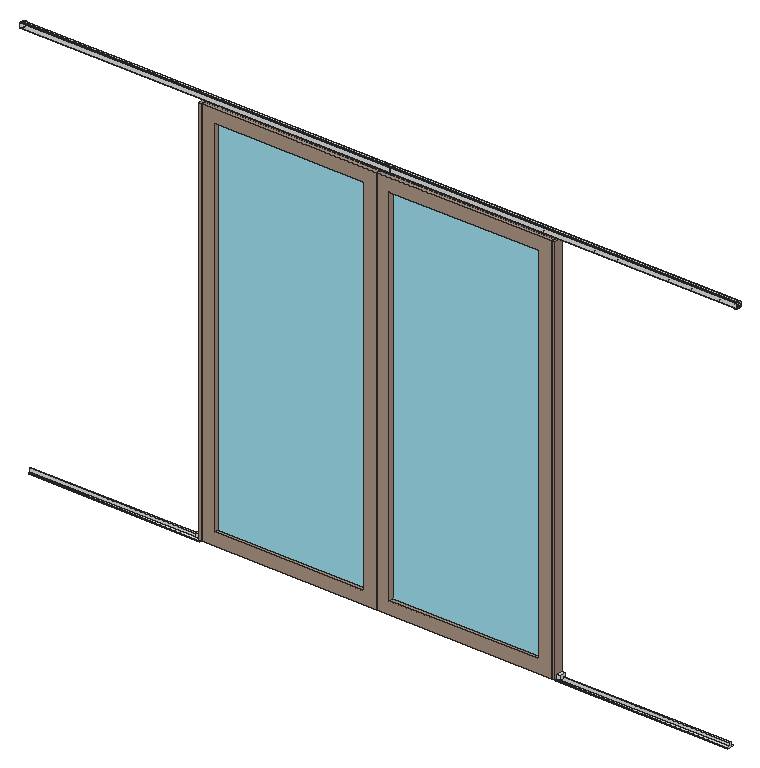
Revit family "2 Panel Pocket SP2 XRDLP", category Doors, host Wall, Revit 2016
Family settings
  Host = Wall
  Always vertical = Yes
  Cut with Voids When Loaded = No
  Shared = No
  Room Calculation Point = No
Parameters (values of type "82"x 94 1/8"")
  URL = "www.raydoor.com"
  Type Image = SP1 XRDLP.jpg
  Thickness = 2 1/4"  # constant formula
  Rough Width = 1"  # constant formula
  Rough Height = Width / 1.907  # 43.00015"
  Model = "SP1"
  Function = Interior
  Door Material = Door - Panel
  Panel Material = Glass, Cast, Gray
  Height = 94 1/8"
  Trim Projection Ext = 63/64"  # constant formula
  Typ = 3"  # constant formula
  Wall Closure = By host
  Width = 82"
  Assembly Code = "SP1 XRDLP"
Reference planes (in)
  plane 1: y = 0.00227
  plane 2: z = 0
  plane 3: x = 0
  plane 4: x = -41
  plane 5: x = 41
  plane 6: z = 94.125
  plane 7: x = 38
  plane 8: x = 39.5
  plane 9: x = -39.5
  plane 10: x = -38
  plane 11: y = -1.12355
  plane 12: y = 1.12645
  plane 13: x = 84.00015
  plane 14: x = 82.00015
  plane 15: z = 92.375
  plane 16: x = -84.00015
  plane 17: x = -82.00015
  plane 18: x = 3
  plane 19: x = 1.5
  plane 20: x = -3
  plane 21: x = -1.5
Forms (in)
  Extrusion 1, solid, material "Door - Panel" <- "Door Material"
    sketch origin (-58, 3.87418, 0.25) x (1, 0, 0) y (0, 0, 1)
      loop
        line (58, 92.125) -> (58, 0.25) -> (99, 0.25) -> (99, 92.125) -> (58, 92.125)
      loop
        line (61, 89.125) -> (61, 3.25) -> (96, 3.25) -> (96, 89.125) -> (61, 89.125)
    from 2.74773 to 4.99773
  Extrusion 2, solid, material "Glass, Cast, Gray" <- "Panel Material"
    sketch origin (-57.74997, -26.22787, 0.25) x (1, 0, 0) y (0, 0, 1)
      loop
        line (57.74997, 92.125) -> (57.74997, 1.125) -> (98.74998, 1.125) -> (98.74998, 92.125) -> (57.74997, 92.125)
    from -26.35104 to -26.10268
  Extrusion 3, void
    sketch origin (-58, -8.3924, -90.75) x (1, 0, 0) y (0, 0, 1)
      loop
        line (58, 92.125) -> (58, 91.25) -> (99, 91.25) -> (99, 92.125) -> (58, 92.125)
    from -8.51557 to -8.26721
  Extrusion 4, solid, material "UHMW, White", detail levels medium+fine
    sketch origin (110.27771, -1.73342, 0.25) x (0, 1, 0) y (0, 0, 1)
      loop
        line (1.20856, 93.65625) -> (1.20856, 92.85447) -> (2.25707, 92.85447) -> (2.25707, 93.65625) -> (1.20856, 93.65625)
    from -110.02771 to -107.52771
  Extrusion 5, solid, material "UHMW, White"
    sketch origin (0, 40.4202, -9.0893) x (0, 1, 0) y (0, 0, 1)
      loop
        line (-39.98145, 103.19868) -> (-40.00963, 103.2143) -> (-40.82826, 103.2143) -> (-40.85645, 103.19868)
        arc (-40.85645, 103.19868) -> (-40.80176, 103.14399) -> (-40.85645, 103.0893) r 0.05469
        line (-40.85645, 103.0893) -> (-40.98145, 103.0893)
        arc (-40.98145, 103.0893) -> (-41.00354, 103.08015) -> (-41.0127, 103.05805) r 0.03125
        line (-41.0127, 103.05805) -> (-41.0127, 102.01916)
        arc (-41.0127, 102.01916) -> (-41.00638, 102.00031) -> (-40.99, 101.98907) r 0.0313
        line (-40.99, 101.98907) -> (-40.79395, 101.93305) -> (-40.69238, 101.93305)
        arc (-40.69238, 101.93305) -> (-40.6742, 101.9417) -> (-40.66944, 101.96126) r 0.02344
        arc (-40.66944, 101.96126) -> (-40.6716, 101.97686) -> (-40.68315, 101.98757) r 0.02344
        line (-40.68315, 101.98757) -> (-40.93457, 102.0594) -> (-40.93457, 102.13127) -> (-40.9502, 102.19377) -> (-40.9502, 102.99555) -> (-40.80176, 103.006) -> (-40.70987, 103.12055) -> (-40.12802, 103.12055) -> (-40.03613, 103.006) -> (-39.8877, 102.99555) -> (-39.8877, 102.19377) -> (-39.90332, 102.13127) -> (-39.90332, 102.0594) -> (-40.15474, 101.98757)
        arc (-40.15474, 101.98757) -> (-40.16629, 101.97686) -> (-40.16846, 101.96126) r 0.02344
        arc (-40.16846, 101.96126) -> (-40.16369, 101.9417) -> (-40.14551, 101.93305) r 0.02344
        line (-40.14551, 101.93305) -> (-40.04395, 101.93305) -> (-39.8479, 101.98907)
        arc (-39.8479, 101.98907) -> (-39.83151, 102.00031) -> (-39.8252, 102.01916) r 0.0313
        line (-39.8252, 102.01916) -> (-39.8252, 103.05805)
        arc (-39.8252, 103.05805) -> (-39.83435, 103.08015) -> (-39.85645, 103.0893) r 0.03125
        line (-39.85645, 103.0893) -> (-39.98145, 103.0893)
        arc (-39.98145, 103.0893) -> (-40.03613, 103.14399) -> (-39.98145, 103.19868) r 0.05469
    from -84.00015 to 84.00015
  Extrusion 6, solid, material "UHMW, White"
    sketch origin (-92.86615, -11.16274, 94.125) x (0, -1, 0) y (1, 0, 0)
      loop
        circle (-11.16501, 94.36615) r 0.125
    from -1.75 to 0
  Extrusion 7, void
    sketch origin (-99, -5.41074, 0.25) x (1, 0, 0) y (0, 0, 1)
      loop
        line (140, -0.25) -> (183.00015, -0.25) -> (183.00015, 93.875) -> (140, 93.875) -> (140, -0.25)
    from -6.91301 to -3.91301
  Extrusion 8, void
    sketch origin (-195.25, -5.58383, 0.25) x (1, 0, 0) y (0, 0, 1)
      loop
        line (154.25, -0.25) -> (236.25, -0.25) -> (236.25, 93.875) -> (154.25, 93.875) -> (154.25, -0.25)
    from -10.08609 to -1.08609
  Extrusion 9, solid, material "UHMW, White", detail levels medium+fine
    sketch origin (128.77771, -0.48197, 0.25) x (0, 1, 0) y (0, 0, 1)
      loop
        line (1.16764, -0.25) -> (1.16764, -0.0625) -> (0.60514, -0.0625) -> (0.60514, 0.75) -> (0.41764, 0.75) -> (0.41764, -0.0625) -> (-0.14486, -0.0625) -> (-0.14486, -0.25) -> (1.16764, -0.25)
    from -87.0277 to -46.77755
  Extrusion 10, solid, material "Door - Panel" <- "Door Material"
    sketch origin (0, 1.25145, 0) x (1, 0, 0) y (0, 1, 0)
      loop
        line (41, -2.375) -> (41.75, -2.375) -> (41.75, -0.125) -> (41, -0.125) -> (41, -2.375)
    from 0.5 to 92.375
  Extrusion 11, solid, material "UHMW, White", detail levels medium+fine
    sketch origin (129.52771, -1.73342, 0.25) x (0, 1, 0) y (0, 0, 1)
      loop
        line (2.41909, 1.25) -> (1.10659, 1.25) -> (1.10659, 0.25) -> (1.66909, 0.25) -> (1.66909, 0.75) -> (1.85659, 0.75) -> (1.85659, 0.25) -> (2.41909, 0.25) -> (2.41909, 1.25)
    from -87.7777 to -86.7777
  Extrusion 12, void
    sketch origin (99, -5.41074, 0.25) x (-1, 0, 0) y (0, 0, -1)
      loop
        line (140, 0.25) -> (140, -93.875) -> (183.00015, -93.875) -> (183.00015, 0.25) -> (140, 0.25)
    from -6.91301 to -3.91301
  Extrusion 13, solid, material "Door - Panel" <- "Door Material"
    sketch origin (-99, 3.87418, 0.25) x (1, 0, 0) y (0, 0, 1)
      loop
        line (58, 92.125) -> (58, 0.25) -> (99, 0.25) -> (99, 92.125) -> (58, 92.125)
      loop
        line (61, 89.125) -> (61, 3.25) -> (96, 3.25) -> (96, 89.125) -> (61, 89.125)
    from 2.74773 to 4.99773
  Extrusion 14, solid, material "Glass, Cast, Gray" <- "Panel Material"
    sketch origin (-98.84169, -25.60041, 0.25) x (1, 0, 0) y (0, 0, 1)
      loop
        line (57.84169, 92.125) -> (57.84169, 1.125) -> (98.84169, 1.125) -> (98.84169, 92.125) -> (57.84169, 92.125)
    from -25.72358 to -25.47522
  Extrusion 15, void
    sketch origin (-99, -8.3924, -90.75) x (1, 0, 0) y (0, 0, 1)
      loop
        line (58, 92.125) -> (58, 91.25) -> (99, 91.25) -> (99, 92.125) -> (58, 92.125)
    from -8.51557 to -8.26721
  Extrusion 16, solid, material "UHMW, White", detail levels medium+fine
    sketch origin (107.27771, -1.73342, 0.25) x (0, 1, 0) y (0, 0, 1)
      loop
        line (1.20856, 93.65625) -> (1.20856, 92.85447) -> (2.25707, 92.85447) -> (2.25707, 93.65625) -> (1.20856, 93.65625)
    from -110.02771 to -107.52771
  Extrusion 17, solid, material "UHMW, White"
    sketch origin (-95.86615, -11.16274, 94.125) x (0, -1, 0) y (1, 0, 0)
      loop
        circle (-11.16501, 94.36615) r 0.125
    from -1.75 to 0
  Extrusion 18, solid, material "UHMW, White", detail levels medium+fine
    sketch origin (-128.7777, -0.48197, 0.25) x (0, 1, 0) y (0, 0, -1)
      loop
        line (1.16764, 0.25) -> (-0.14486, 0.25) -> (-0.14486, 0.0625) -> (0.41764, 0.0625) -> (0.41764, -0.75) -> (0.60514, -0.75) -> (0.60514, 0.0625) -> (1.16764, 0.0625) -> (1.16764, 0.25)
    from -87.0277 to -46.77755
  Extrusion 19, solid, material "Door - Panel" <- "Door Material"
    sketch origin (0, 1.25145, 0) x (-1, 0, 0) y (0, -1, 0)
      loop
        line (41, 2.375) -> (41, 0.125) -> (41.75, 0.125) -> (41.75, 2.375) -> (41, 2.375)
    from 0.5 to 92.375
  Extrusion 20, solid, material "UHMW, White", detail levels medium+fine
    sketch origin (-129.5277, -1.73342, 0.25) x (0, 1, 0) y (0, 0, -1)
      loop
        line (2.41909, -1.25) -> (2.41909, -0.25) -> (1.85659, -0.25) -> (1.85659, -0.75) -> (1.66909, -0.75) -> (1.66909, -0.25) -> (1.10659, -0.25) -> (1.10659, -1.25) -> (2.41909, -1.25)
    from -87.7777 to -86.7777
Cuts and joins
  Extrusion 3, Extrusion 12, Extrusion 15 cuts Extrusion 1
  Extrusion 3, Extrusion 12, Extrusion 15 cuts Extrusion 2
  Extrusion 12, Extrusion 15 cuts Extrusion 9
  Extrusion 12, Extrusion 15 cuts Extrusion 10
  Extrusion 12 cuts Extrusion 11
  Extrusion 15 cuts Extrusion 13
  Extrusion 15 cuts Extrusion 14
Lines and regions (in)
  Masking region 1
    outline origin (-7.24693, 28.29737, 0) x (1, 0, 0) y (0, 1, 0)
      loop
        line (89.99709, -29.42092) -> (89.99709, -28.9242) -> (90.99709, -28.9242) -> (90.99709, -27.6117) -> (89.99709, -27.6117) -> (89.99709, -27.17092) -> (48.24693, -27.17092) -> (48.24693, -29.42092) -> (89.99709, -29.42092)
  Masking region 2
    outline origin (7.24693, 28.29737, 0) x (0, 1, 0) y (-1, 0, 0)
      loop
        line (-29.42092, 89.99709) -> (-29.42092, 48.24693) -> (-27.17092, 48.24693) -> (-27.17092, 89.99709) -> (-27.6117, 89.99709) -> (-27.6117, 90.99709) -> (-28.9242, 90.99709) -> (-28.9242, 89.99709) -> (-29.42092, 89.99709)
  symbolic lines, style "Elevation Swing"
    curve 1: line (11.4801, 0, 37.98833) -> (31.35565, 0, 37.98833)
    curve 2: line (31.4801, 0, 32.79755) -> (11.4801, 0, 32.79755)
    curve 3: line (11.4801, 0, 37.98833) -> (15.81023, 0, 40.48833)
    curve 4: line (27.14997, 0, 30.29755) -> (31.4801, 0, 32.79755)
  symbolic lines, style "Plan Swing"
    curve 5: line (28.6449, -16.05138, 0) -> (12.3551, -16.05138, 0)
    curve 6: line (12.3551, -16.05138, 0) -> (14.47642, -13.93006, 0)
    curve 7: line (28.6449, -17.57036, 0) -> (12.3551, -17.57036, 0)
    curve 8: line (26.52358, -19.69168, 0) -> (28.6449, -17.57036, 0)
    curve 11: line (-12.3551, -16.05138, 0) -> (-28.6449, -16.05138, 0)
    curve 12: line (-28.6449, -16.05138, 0) -> (-26.52358, -13.93006, 0)
    curve 13: line (-12.3551, -17.57036, 0) -> (-28.6449, -17.57036, 0)
    curve 14: line (-14.47642, -19.69168, 0) -> (-12.3551, -17.57036, 0)
  model lines
    curve 9: line (-41, 4.50227, 0) -> (41, 4.50227, 0)
    curve 15: line (-41, -4.49773, 0) -> (41, -4.49773, 0)
  symbolic lines, style "Plan Swing", detail levels medium+fine
    curve 10: line (82.75015, -1.12355, 0) -> (82.75015, 1.12645, 0)
    curve 16: line (-82.75015, -1.12355, 0) -> (-82.75015, 1.12645, 0)
Dimensions and locks (in)
  equal spacing: plane 4, plane 3, plane 5
  "Width": plane 4 to plane 5
  "Height": plane 6 to plane 2
  equal spacing: plane 7, plane 8, plane 5, locked at 1.5 each
  "Typ": plane 7 to plane 5
  plane 9 to plane 3 to plane 8 = 39 1/2", 39 1/2"
  "Typ": Extrusion 1 sketch curve to Extrusion 1 sketch curve  (x2)
  locked: Extrusion 2 to Extrusion 2 at 0.24836
  locked: Extrusion 2 sketch curve to Extrusion 1 at 0.875
  locked: Extrusion 3 to Extrusion 3 at 0.24836
  "Typ": plane 4 to plane 10
  "Thickness": plane 12 to plane 11
  equal spacing: plane 4, plane 9, plane 10, locked at 1.5 each
  locked: Extrusion 4 to Extrusion 4 at 2.5
  locked: cut or joined group of Extrusion 2, Extrusion 3, Extrusion 12, Extrusion 15 to plane 11 at 0.99836
  "Rough Height": plane 5 to plane 13
  equal spacing: Extrusion 7, plane 1, Extrusion 7
  locked: plane 14 to plane 13 at 2
  locked: plane 3 to Extrusion 6 sketch curve at 1.625
  Extrusion 9 sketch curve to Extrusion 9 sketch curve = 3/16"
  locked: Extrusion 9 sketch curve to Extrusion 9 sketch curve at 0.5625  (x2)
  locked: Extrusion 9 sketch curve to Extrusion 9 sketch curve at 0.1875
  locked: plane 5 to Extrusion 10 sketch curve at 0.75
  locked: Extrusion 11 sketch curve to Extrusion 11 sketch curve at 1
  locked: Extrusion 11 sketch curve to Extrusion 11 sketch curve at 0.5625  (x2)
  locked: Extrusion 11 sketch curve to Extrusion 11 sketch curve at 0.1875
  locked: Extrusion 10 to Extrusion 11 at 1
  plane 14 to Masking region 1 sketch curve = 3/4"
  locked: plane 14 to Masking region 1 sketch curve at 1.75
  locked: plane 6 to plane 15 at 1.75
  locked: plane 3 to Extrusion 4 at 0.25
  "Rough Height": plane 4 to plane 16
  locked: plane 17 to plane 16 at 2
  "Typ": plane 3 to plane 18
  plane 3 to plane 19 to plane 18 = 1 1/2", 1 1/2"
  "Typ": plane 3 to plane 20
  plane 3 to plane 21 to plane 20 = 1 1/2", 1 1/2"
  Extrusion 12 to Extrusion 12 = 3"
  equal spacing: host wall, plane 1, host wall, locked at 1.5 each
  locked: Extrusion 6 sketch curve to plane 11 at 1.12582
  "Typ": Extrusion 13 sketch curve to Extrusion 13 sketch curve  (x2)
  locked: Extrusion 14 to Extrusion 14 at 0.24836
  locked: Extrusion 14 sketch curve to Extrusion 13 at 0.875
  locked: Extrusion 15 to Extrusion 15 at 0.24836
  locked: plane 12 to cut or joined group of Extrusion 14, Extrusion 15 at 1.00328
  locked: Extrusion 16 to Extrusion 16 at 2.5
  locked: Extrusion 16 to plane 20 at 0.25
  Extrusion 18 sketch curve to Extrusion 18 sketch curve = 3/16"
  locked: Extrusion 18 sketch curve to Extrusion 18 sketch curve at 0.5625  (x2)
  locked: Extrusion 18 sketch curve to Extrusion 18 sketch curve at 0.1875
  locked: Extrusion 20 sketch curve to Extrusion 20 sketch curve at 1
  locked: Extrusion 20 sketch curve to Extrusion 20 sketch curve at 0.5625  (x2)
  locked: Extrusion 20 sketch curve to Extrusion 20 sketch curve at 0.1875
  locked: Extrusion 19 to Extrusion 20 at 1
  locked: Extrusion 19 to plane 4 at 0.75
  locked: Masking region 2 sketch curve to Masking region 2 sketch curve at 1
  locked: Masking region 2 sketch curve to Masking region 2 sketch curve at 0.44078
  locked: Masking region 2 sketch curve to Masking region 2 sketch curve at 1.3125
  locked: Masking region 2 sketch curve to Masking region 2 sketch curve at 0.49672
  diameter of Extrusion 6 sketch curve = 1/4"
  diameter of Extrusion 17 sketch curve = 1/4"
  aligned and locked: plane 5 to curve 9
  aligned and locked: Extrusion 1 to Extrusion 2
  aligned and locked: Extrusion 1 to Extrusion 3
  aligned and locked: Masking region 1 to plane 12
  aligned and locked: Masking region 1 to plane 11
  aligned and locked: Extrusion 7 sketch curve to plane 6
  aligned and locked: Extrusion 7 to plane 13
  aligned and locked: plane 4 to Extrusion 8
  aligned and locked: host wall to Extrusion 8  (x2)
  aligned and locked: Extrusion 8 to plane 5
  aligned and locked: plane 5 to Extrusion 7
  aligned and locked: Extrusion 8 to level
  aligned and locked: Extrusion 7 sketch curve to level
  aligned and locked: plane 5 to Masking region 1
  aligned and locked: Extrusion 5 to plane 13
  aligned and locked: Extrusion 9 sketch curve to Extrusion 9 sketch curve
  aligned and locked: Extrusion 9 to plane 14
  aligned and locked: cut or joined group of Extrusion 2, Extrusion 3, Extrusion 12, Extrusion 15 to Extrusion 9
  aligned and locked: plane 5 to Extrusion 10 sketch curve
  aligned and locked: Extrusion 10 sketch curve to plane 11
  aligned and locked: cut or joined group of Extrusion 1, Extrusion 3, Extrusion 12, Extrusion 15 to Extrusion 10
  aligned and locked: Extrusion 10 to cut or joined group of Extrusion 1, Extrusion 3, Extrusion 12, Extrusion 15
  aligned and locked: Extrusion 11 to Extrusion 10
  aligned and locked: Extrusion 11 to Masking region 1 sketch curve
  aligned and locked: Masking region 1 sketch curve to Masking region 1 sketch curve
  aligned and locked: Masking region 1 sketch curve to Extrusion 11
  aligned and locked: Extrusion 11 sketch curve to cut or joined group of Extrusion 1, Extrusion 3, Extrusion 12, Extrusion 15  (x2)
  aligned and locked: cut or joined group of Extrusion 1, Extrusion 3, Extrusion 12, Extrusion 15 to plane 15
  aligned and locked: plane 12 to Extrusion 10
  aligned and locked: Extrusion 3 to plane 3
  aligned and locked: cut or joined group of Extrusion 1, Extrusion 3, Extrusion 12, Extrusion 15 to cut or joined group of Extrusion 2, Extrusion 3, Extrusion 12, Extrusion 15
  aligned and locked: cut or joined group of Extrusion 1, Extrusion 3, Extrusion 12, Extrusion 15 to plane 3
  aligned and locked: cut or joined group of Extrusion 1, Extrusion 3, Extrusion 12, Extrusion 15 to plane 18
  aligned and locked: Extrusion 12 to plane 4
  aligned and locked: Extrusion 12 to plane 16
  aligned and locked: Extrusion 5 to plane 16
  aligned and locked: Extrusion 13 to Extrusion 14
  aligned and locked: Extrusion 13 to Extrusion 15
  aligned and locked: plane 12 to cut or joined group of Extrusion 13, Extrusion 15
  aligned and locked: cut or joined group of Extrusion 13, Extrusion 15 to plane 11
  aligned and locked: plane 12 to cut or joined group of Extrusion 1, Extrusion 3, Extrusion 12, Extrusion 15
  aligned and locked: cut or joined group of Extrusion 1, Extrusion 3, Extrusion 12, Extrusion 15 to plane 11
  aligned and locked: cut or joined group of Extrusion 1, Extrusion 3, Extrusion 12, Extrusion 15 to plane 5
  aligned and locked: plane 7 to cut or joined group of Extrusion 1, Extrusion 3, Extrusion 12, Extrusion 15
  aligned and locked: cut or joined group of Extrusion 13, Extrusion 15 to Extrusion 15  (x2)
  aligned and locked: cut or joined group of Extrusion 13, Extrusion 15 to cut or joined group of Extrusion 14, Extrusion 15
  aligned and locked: plane 3 to cut or joined group of Extrusion 13, Extrusion 15
  aligned and locked: cut or joined group of Extrusion 13, Extrusion 15 to plane 20
  aligned and locked: cut or joined group of Extrusion 13, Extrusion 15 to Extrusion 14
  aligned and locked: plane 4 to cut or joined group of Extrusion 13, Extrusion 15
  aligned and locked: cut or joined group of Extrusion 13, Extrusion 15 to plane 10
  aligned and locked: plane 15 to Extrusion 17
  aligned and locked: Extrusion 17 to plane 6
  aligned and locked: Extrusion 18 sketch curve to Extrusion 18 sketch curve
  aligned and locked: Extrusion 19 to Extrusion 20
  aligned and locked: Extrusion 20 to Masking region 2 sketch curve
  aligned and locked: Masking region 2 sketch curve to Masking region 2 sketch curve
  aligned and locked: Extrusion 18 to plane 17
  aligned and locked: plane 12 to Extrusion 19
  aligned and locked: Extrusion 19 to plane 11
  aligned and locked: Masking region 2 to plane 11
  aligned and locked: plane 12 to Masking region 2
  aligned and locked: cut or joined group of Extrusion 9, Extrusion 12, Extrusion 15 to cut or joined group of Extrusion 10, Extrusion 12, Extrusion 15
  aligned and locked: Extrusion 18 to Extrusion 19
Automatic sketch dimensions
  curve 3 to plane 18 = 8.4801"
  level to curve 3 = 37.98833"
  plane 7 to curve 4 = 6.5199"
  curve 1 to curve 4 = 5.19077"
  curve 3 to plane 18 = 12.81023"
  curve 3 to curve 1 = 2 1/2"
  plane 7 to curve 4 = 10.85003"
  curve 2 to curve 4 = 2 1/2"
  curve 1 to curve 2 = 0"
  curve 1 to curve 2 = 0.12445"
  curve 16 to plane 11 = 0"
  curve 16 to plane 12 = 0"
  plane 12 to curve 10 = 0"
  plane 11 to curve 10 = 0"
  curve 12 to plane 10 = 9.3551"
  curve 14 to plane 20 = 9.3551"
  curve 5 to plane 18 = 9.3551"
  plane 7 to curve 8 = 9.3551"
  host wall to curve 6 = 11.55364"
  host wall to curve 12 = 11.55364"
  curve 13 to curve 11 = 1.51898"
  curve 8 to curve 5 = 1.51898"
  curve 16 to plane 17 = 3/4"
  curve 13 to curve 11 = 0"
  curve 11 to curve 12 = 2.12132"  (x2)
  curve 14 to curve 13 = 2.12132"  (x2)
  curve 11 to curve 13 = 0"
  curve 7 to curve 5 = 0"
  curve 5 to curve 6 = 2.12132"  (x2)
  curve 8 to curve 7 = 2.12132"  (x2)
  curve 5 to curve 7 = 0"
  curve 10 to plane 14 = 3/4"
  curve 9 to level = 0"
  plane 4 to curve 9 = 0"
  Masking region 1 sketch curve to plane 5 = 0"
  plane 11 to Masking region 1 sketch curve = 0"
  Masking region 1 sketch curve to plane 12 = 0"
  Extrusion 1 sketch curve to plane 3 = 0"
  plane 18 to Extrusion 1 sketch curve = 0"
  plane 7 to Extrusion 1 sketch curve = 0"
  plane 5 to Extrusion 1 sketch curve = 0"
  Extrusion 1 sketch curve to plane 15 = 0"
  level to Extrusion 1 sketch curve = 3 1/2"
  Extrusion 2 sketch curve to plane 3 = 0"
  Extrusion 2 sketch curve to plane 15 = 0"
  Extrusion 2 sketch curve to plane 5 = 0"
  Extrusion 3 sketch curve to plane 3 = 0"
  plane 5 to Extrusion 3 sketch curve = 0"
  level to Extrusion 3 sketch curve = 1/2"
  Extrusion 3 sketch curve to Extrusion 3 sketch curve = 7/8"
  host wall to Extrusion 4 sketch curve = 0.52713"
  Extrusion 4 sketch curve to host wall = 0.52138"
  Extrusion 4 sketch curve to plane 15 = 0.72947"
  plane 6 to Extrusion 4 sketch curve = 7/32"
  plane 6 to Extrusion 5 sketch curve = 0"
  plane 11 to Extrusion 5 sketch curve = 0.53106"
  Extrusion 5 sketch curve to Extrusion 5 sketch curve = 0.0227"
  Extrusion 5 sketch curve to Extrusion 5 sketch curve = 1/32"  (x4)
  Extrusion 5 sketch curve to Extrusion 5 sketch curve = 0.0313"
  Extrusion 5 sketch curve to Extrusion 5 sketch curve = 1/64"  (x2)
  Extrusion 5 sketch curve to Extrusion 5 sketch curve = 1/8"
  Extrusion 5 sketch curve to Extrusion 5 sketch curve = 0.02819"  (x2)
  Extrusion 5 sketch curve to Extrusion 5 sketch curve = 7/128"  (x3)
  Extrusion 5 sketch curve to Extrusion 5 sketch curve = 9/64"  (x2)
  plane 6 to Extrusion 5 sketch curve = 3/32"
  Extrusion 5 sketch curve to Extrusion 5 sketch curve = 0.09189"  (x2)
  Extrusion 5 sketch curve to Extrusion 5 sketch curve = 13/128"  (x2)
  Extrusion 5 sketch curve to Extrusion 5 sketch curve = 0"  (x2)
  Extrusion 5 sketch curve to Extrusion 5 sketch curve = 0.00923"  (x2)
  Extrusion 5 sketch curve to host wall = 0.26319"
  Extrusion 5 sketch curve to host wall = 0.28991"
  Extrusion 5 sketch curve to Extrusion 5 sketch curve = 0.11839"
  Extrusion 5 sketch curve to Extrusion 5 sketch curve = 0.04683"
  Extrusion 5 sketch curve to Extrusion 5 sketch curve = 0.0086"
  plane 6 to Extrusion 5 sketch curve = 1/8"  (x2)
  Extrusion 5 sketch curve to Extrusion 5 sketch curve = 0.08331"  (x2)
  Extrusion 5 sketch curve to Extrusion 5 sketch curve = 1/16"  (x4)
  Extrusion 5 sketch curve to plane 15 = 0.72947"  (x2)
  Extrusion 5 sketch curve to Extrusion 5 sketch curve = 0.07187"  (x2)
  Extrusion 5 sketch curve to Extrusion 5 sketch curve = 0.04024"  (x2)
  Extrusion 5 sketch curve to Extrusion 5 sketch curve = 0.07183"  (x2)
  Extrusion 5 sketch curve to Extrusion 5 sketch curve = 0.02154"  (x2)
  Extrusion 5 sketch curve to Extrusion 5 sketch curve = 0.00953"  (x2)
  Extrusion 5 sketch curve to Extrusion 5 sketch curve = 3/128"  (x2)
  plane 5 to Extrusion 7 sketch curve = 0"
  plane 13 to Extrusion 7 sketch curve = 0"
  plane 4 to Extrusion 8 sketch curve = 0"
  plane 5 to Extrusion 8 sketch curve = 0"
  Extrusion 8 sketch curve to level = 0"
  Extrusion 8 sketch curve to plane 6 = 0"
  Extrusion 9 sketch curve to level = 0"
  plane 11 to Extrusion 9 sketch curve = 0.49672"
  Extrusion 9 sketch curve to Extrusion 9 sketch curve = 13/16"
  Extrusion 10 sketch curve to plane 12 = 0"
  plane 11 to Extrusion 11 sketch curve = 0.49672"
  Extrusion 11 sketch curve to Extrusion 11 sketch curve = 1/2"
  plane 4 to Extrusion 12 sketch curve = 0"
  Extrusion 12 sketch curve to plane 6 = 0"
  Extrusion 12 sketch curve to plane 16 = 0"
  Extrusion 12 sketch curve to level = 0"
  curve 15 to level = 0"
  plane 5 to curve 15 = 0"
  plane 4 to curve 15 = 0"
  plane 4 to Extrusion 13 sketch curve = 0"
  plane 10 to Extrusion 13 sketch curve = 0"
  Extrusion 13 sketch curve to plane 20 = 0"
  Extrusion 13 sketch curve to plane 3 = 0"
  Extrusion 13 sketch curve to plane 15 = 0"
  level to Extrusion 13 sketch curve = 3 1/2"
  plane 4 to Extrusion 14 sketch curve = 0"
  Extrusion 14 sketch curve to plane 3 = 0"
  Extrusion 14 sketch curve to plane 15 = 0"
  plane 4 to Extrusion 15 sketch curve = 0"
  Extrusion 15 sketch curve to plane 3 = 0"
  level to Extrusion 15 sketch curve = 1/2"
  Extrusion 15 sketch curve to Extrusion 15 sketch curve = 7/8"
  host wall to Extrusion 16 sketch curve = 0.52713"
  Extrusion 16 sketch curve to host wall = 0.52138"
  Extrusion 16 sketch curve to plane 15 = 0.72947"
  plane 6 to Extrusion 16 sketch curve = 7/32"
  host wall to Extrusion 17 sketch curve = 0"
  Extrusion 17 sketch curve to plane 21 = 0"
  Masking region 2 sketch curve to plane 4 = 0"
  plane 16 to Masking region 2 sketch curve = 1/4"
  Extrusion 18 sketch curve to level = 0"
  plane 11 to Extrusion 18 sketch curve = 0.49672"
  Extrusion 18 sketch curve to Extrusion 18 sketch curve = 13/16"
  Extrusion 19 sketch curve to plane 4 = 0"
  Extrusion 19 sketch curve to plane 12 = 0"
  plane 11 to Extrusion 19 sketch curve = 0"
  Extrusion 19 sketch curve to Extrusion 19 sketch curve = 3/4"
  plane 11 to Extrusion 20 sketch curve = 0.49672"
  level to Extrusion 20 sketch curve = 1 1/2"
  Extrusion 20 sketch curve to Extrusion 20 sketch curve = 1/2"
  Extrusion 20 sketch curve to Extrusion 20 sketch curve = 0"
